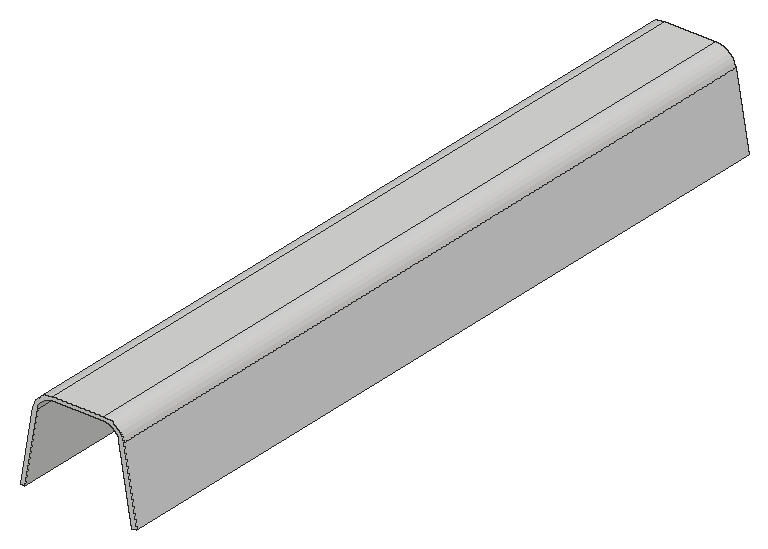
Revit family "HeartFelt-Linear-Luxalon Carrier Splice_HunterDouglasEurope.LOG200", category Specialty Equipment, Revit 2016
Family settings
  Part Type = Normal
  Round Connector Dimension = Use Diameter
  OmniClass Number = 23.35.70.24.11.11.11
  OmniClass Title = Suspended Ceilings, Suspension Assembly
  Work Plane-Based = No
  Always vertical = Yes
  Cut with Voids When Loaded = No
  Shared = No
  Room Calculation Point = No
Parameters (values of type "Luxalon Carrier Splice_Transparent Coated")
  URL = "http://www.hunterdouglasarchitectural.eu/en-GB/ceilings/textile/heartfelt/index.jsp"
  Thickness = 0.95 mm
  Subcategory = "HeartFelt® Ceilings"  # constant formula
  Product Line = ""
  Product Data = "http://assets2.hunterdouglascontract.com/documents/ceiling/Brochures/United%20Kingdom/Brochure-Heartfelt-en-UK.pdf"
  Material = Aluminum-7178_HunterDouglasEurope
  Length = 177.00 mm
  EN13501-1_Fire rating = "Class A2,s1,d0"  # constant formula
  Colour Code = "7178"
  Article Code = "33.4173"  # constant formula
  Model = "Luxalon Carrier Splice"  # constant formula
  Manufacturer = "Hunter Douglas"  # constant formula
  Alloy = "EN AW 5050"  # constant formula
Types (3, lengths in mm): name | Material | Colour Code
  (no name) | Aluminum-7178_HunterDouglasEurope | "7178"
  Luxalon Carrier Splice_Transparent Coated | Aluminum-7178_HunterDouglasEurope | "7178"
  Luxalon Carrier Splice_Black | Aluminum-1863_HunterDouglasEurope | "1863"
Reference planes
  plane 1 "Center (Front/Back)": y = 0
  plane 2: z = 0
  plane 3 "Center (Left/Right)": x = 0
  plane 4 "Splice Top": z = 90.95
  plane 5 "Splice Bottom": z = 90
  plane 6 "Splice Front": y = -87.5
  plane 7 "Splice Back": y = 87.5
Forms (mm)
  Sweep 1, solid, material "Aluminum-7178_HunterDouglasEurope" <- "Material"
    path origin (0, 0, 0) x (1, 0, 0) y (0, 1, 0)
      loop
        line (0, 87.5) -> (0, -87.5)
    profile origin (0, 0, 0) x (1, 0, 0) y (0, 0, 1)
      loop
        line (12.337, 70.268) -> (13.273, 70.433) -> (10.311, 87.231)
        arc (10.311, 87.231) -> (8.771, 89.897) -> (5.879, 90.95) r 4.5
        line (5.879, 90.95) -> (-5.879, 90.95)
        arc (-5.879, 90.95) -> (-8.771, 89.897) -> (-10.311, 87.231) r 4.5
        line (-10.311, 87.231) -> (-13.273, 70.433) -> (-12.337, 70.268) -> (-9.368, 87.108)
        arc (-9.368, 87.108) -> (-8.171, 89.181) -> (-5.921, 90) r 3.5
        line (-5.921, 90) -> (5.921, 90)
        arc (5.921, 90) -> (8.171, 89.181) -> (9.368, 87.108) r 3.5
        line (9.368, 87.108) -> (12.337, 70.268)
Dimensions and locks
  locked: plane 5 "Splice Bottom" to plane 2 at 90
  locked: plane 7 "Splice Back" to plane 6 "Splice Front" at 175
  aligned and locked: level to plane 2
